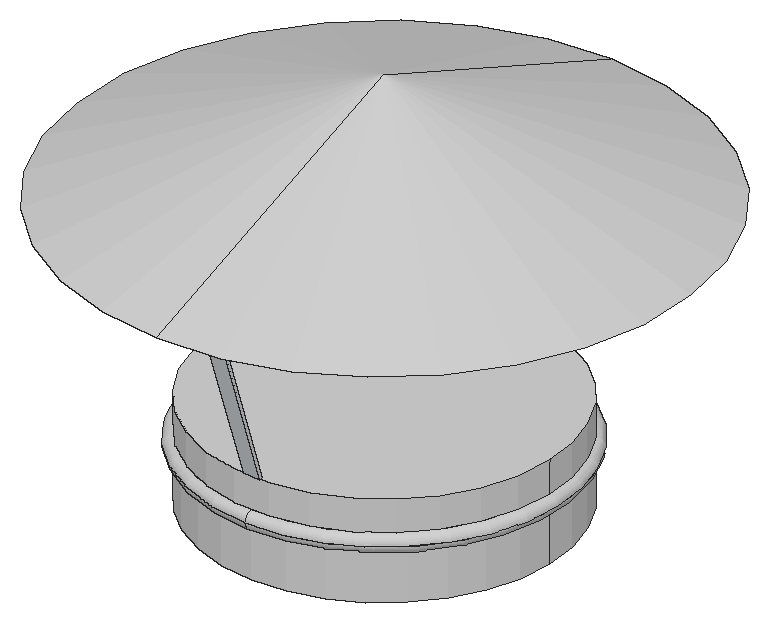
Revit family "НЕВАТОМ_Зонт крышный_20220407", category Воздухораспределители, Revit 2017
Family settings
  Размер круглого соединителя = Использовать диаметр
  Тип детали = Нормальный
  На основе рабочей плоскости = Нет
  Всегда вертикально = Нет
  При загрузке вырезать с полостями = Нет
  Общий = Нет
  Точка расчета площади = Нет
Parameters (values of type "250")
  матерал корпуса = Материал корпуса
  Расход [instance] = 0.0 L/s
  k = Dk - (Dk - D) / 2  # 340 mm
  Nevatom_URL = "https://t.me/NEVATOM_Bim_bot"
  Hк = H / 3  # 84 mm
  H = 252 mm
  Dk = 430 mm
  D*/2 = D / 40  # 6.25 mm
  D* = D / 20  # 12.5 mm
  D = 250 mm
  ADSK_Расход воздуха = 0.0 L/s
  ADSK_Размер_Ширина = Dk  # 430 mm
  ADSK_Размер_Длина = Dk  # 430 mm
  ADSK_Размер_Высота = H  # 252 mm
  ADSK_Примечание = ""
  ADSK_Потеря давления воздуха = 0.0 Pa
  ADSK_Позиция = ""
  ADSK_Наименование = "ЗОНТ КРЫШНЫЙ"
  ADSK_Материал наименование = "Оцинкованная сталь"  # constant formula
  ADSK_Масса_Текст = "кг"
  ADSK_Масса = 0
  ADSK_Марка = "250"
  ADSK_Код изделия = ""
  ADSK_Завод-изготовитель = "NEVATOM"
  ADSK_Единица измерения = "шт"
  A = 35 mm
Types (19, lengths in mm): name | матерал корпуса | k | Hк | H | Dk | D*/2 | D* | D | ADSK_Размер_Ширина | ADSK_Размер_Длина | ADSK_Размер_Высота | ADSK_Марка | A
  (no name) | Материал корпуса | 340 | 84 | 252 | 430 | 6.25 | 12.5 | 250 | 430 | 430 | 252 | "250" | 35
  100 | Материал корпуса | 135 | 43.333 | 130 | 170 | 2.5 | 5 | 100 | 170 | 170 | 130 | "100" | 35
  125 | none | 170 | 51.667 | 155 | 215 | 3.125 | 6.25 | 125 | 215 | 215 | 155 | "125" | 35
  160 | none | 217.5 | 60 | 180 | 275 | 4 | 8 | 160 | 275 | 275 | 180 | "160" | 35
  180 | none | 240 | 61.667 | 185 | 300 | 4.5 | 9 | 180 | 300 | 300 | 185 | "180" | 35
  200 | none | 270 | 71.667 | 215 | 340 | 5 | 10 | 200 | 340 | 340 | 215 | "200" | 35
  225 | none | 303.5 | 78.333 | 235 | 382 | 5.625 | 11.25 | 225 | 382 | 382 | 235 | "225" | 35
  250 | Материал корпуса | 340 | 84 | 252 | 430 | 6.25 | 12.5 | 250 | 430 | 430 | 252 | "250" | 35
  315 | none | 427.5 | 98.333 | 295 | 540 | 7.875 | 15.75 | 315 | 540 | 540 | 295 | "315" | 35
  355 | none | 492.5 | 115.727 | 347.181 | 630 | 8.875 | 17.75 | 355 | 630 | 630 | 347.181 | "355" | 55
  400 | none | 550 | 125 | 375 | 700 | 10 | 20 | 400 | 700 | 700 | 375 | "400" | 55
  450 | none | 610 | 136.667 | 410 | 770 | 11.25 | 22.5 | 450 | 770 | 770 | 410 | "450" | 55
  500 | none | 700 | 165 | 495 | 900 | 12.5 | 25 | 500 | 900 | 900 | 495 | "500" | 55
  560 | none | 755 | 172.333 | 517 | 950 | 14 | 28 | 560 | 950 | 950 | 517 | "560" | 55
  630 | none | 880 | 179.333 | 538 | 1130 | 15.75 | 31.5 | 630 | 1130 | 1130 | 538 | "630" | 55
  710 | none | 1005 | 200 | 600 | 1300 | 17.75 | 35.5 | 710 | 1300 | 1300 | 600 | "710" | 55
  800 | none | 1125 | 222.333 | 667 | 1450 | 20 | 40 | 800 | 1450 | 1450 | 667 | "800" | 55
  1000 | none | 1400 | 314 | 942 | 1800 | 25 | 50 | 1000 | 1800 | 1800 | 942 | "1000" | 100
  1250 | Материал корпуса | 1675 | 366.667 | 1100 | 2100 | 31.25 | 62.5 | 1250 | 2100 | 2100 | 1100 | "1250" | 100
Reference planes
  plane 1 "По центру (Вперед/Назад)": y = 0
  plane 2: z = 0
  plane 3 "По центру (Влево/Вправо)": x = 0
  plane 4: z = 35
  plane 5: z = 70
  plane 6: z = 203
  plane 7: z = 287
  plane 8: z = 41.25
  plane 9: y = 125
  plane 10: y = -125
  plane 11: y = -215
  plane 12: y = 215
  plane 13: y = -125
  plane 14: y = 125
  plane 15: x = -125
  plane 16: x = 125
  plane 17: x = -170
  plane 18: x = 170
Forms (mm)
  Extrusion 1, solid, material "Материал корпуса" <- "матерал корпуса"
    sketch origin (0, 0, 0) x (1, 0, 0) y (0, 1, 0)
      loop
        circle (0, 0) r 125
    from 0 to 70
  Revolve 2, solid, material "Материал корпуса" <- "матерал корпуса"
    sketch origin (0, 0, 0) x (0, 1, 0) y (0, 0, 1)
      loop
        circle (125, 41.25) r 6.25
      axis (0, 41.25) -> (0, 42.25)
    angle from 0 to 360
  Revolve 3, solid, material "Материал корпуса" <- "матерал корпуса"
    sketch origin (0, 0, 0) x (0, 1, 0) y (0, 0, 1)
      loop
        line (-215, 203) -> (0, 203) -> (0, 287) -> (-215, 203)
      axis (0, 203) -> (0, 287)
    angle from 0 to 360
  Sweep 4, solid
    path origin (0, 0, 0) x (0, 1, 0) y (0, 0, 1)
      loop
        line (-170, 203) -> (-125, 70)
    profile origin (0, -147.5, 136.5) x (0, 0.947249, 0.320498) y (1, 0, 0)
      loop
        line (1.877, -6.25) -> (1.877, 6.25) -> (0, 6.25) -> (0, -6.25) -> (1.877, -6.25)
  Sweep 5, solid
    path origin (0, 0, 0) x (0, 1, 0) y (0, 0, 1)
      loop
        line (125, 70) -> (170, 203)
    profile origin (0, 147.5, 136.5) x (0, -0.947249, 0.320498) y (1, 0, 0)
      loop
        line (0, -6.25) -> (1.864, -6.25) -> (1.864, 6.25) -> (0, 6.25) -> (0, -6.25)
  Sweep 6, solid
    path origin (0, 0, 0) x (1, 0, 0) y (0, 0, 1)
      loop
        line (-170, 203) -> (-125, 70)
    profile origin (-147.5, 0, 136.5) x (0.947249, 0, 0.320498) y (0, -1, 0)
      loop
        line (1.925, -6.25) -> (1.925, 6.25) -> (0, 6.25) -> (0, -6.25) -> (1.925, -6.25)
Cuts and joins
  joined: Extrusion 1, Revolve 2
Lines and regions (mm)
  reference lines
    curve 1: line (0, 170, 440.259) -> (0, 170, -109.741)
    curve 2: line (0, -170, 440.259) -> (0, -170, -94.741)
Dimensions and locks
  "A": plane 4 to level
  "H": plane 7 to plane 4
  equal spacing: plane 5, plane 4, level
  "D*/2": plane 8 to plane 4
  equal spacing: plane 10, plane 1 "По центру (Вперед/Назад)", plane 9
  "D": plane 10 to plane 9
  "Hк": plane 7 to plane 6
  equal spacing: plane 11, plane 1 "По центру (Вперед/Назад)", plane 12
  "Dk": plane 11 to plane 12
  equal spacing: curve 2, plane 1 "По центру (Вперед/Назад)", curve 1
  "k": curve 2 to curve 1
  equal spacing: plane 13, plane 1 "По центру (Вперед/Назад)", plane 14
  "D": plane 13 to plane 14
  locked: Sweep 4 sketch curve to Sweep 4 sketch curve at 1.877
  equal spacing: Sweep 4 sketch curve, profile plane, Sweep 4 sketch curve
  "D*": Sweep 4 sketch curve to Sweep 4 sketch curve
  equal spacing: Sweep 5 sketch curve, profile plane, Sweep 5 sketch curve
  "D*": Sweep 5 sketch curve to Sweep 5 sketch curve
  locked: Sweep 5 sketch curve to Sweep 5 sketch curve at 1.864
  equal spacing: plane 18, plane 3 "По центру (Влево/Вправо)", plane 17
  "k": plane 18 to plane 17
  equal spacing: plane 16, plane 3 "По центру (Влево/Вправо)", plane 15
  "D": plane 16 to plane 15
  locked: Sweep 6 sketch curve to Sweep 6 sketch curve at 1.925
  equal spacing: Sweep 6 sketch curve, plane 1 "По центру (Вперед/Назад)", Sweep 6 sketch curve
  "D*": Sweep 6 sketch curve to Sweep 6 sketch curve
  "D": diameter of Extrusion 1 sketch curve
  "D*": diameter of Revolve 2 sketch curve
  aligned and locked: level to plane 2
  aligned and locked: plane 5 to Extrusion 1
  aligned and locked: Extrusion 1 to level
  aligned and locked: Revolve 2 sketch curve to plane 1 "По центру (Вперед/Назад)"
  aligned and locked: Revolve 3 sketch curve to plane 6
  aligned and locked: Revolve 3 sketch curve to plane 1 "По центру (Вперед/Назад)"  (x2)
  aligned and locked: plane 7 to Revolve 3 sketch curve
  aligned and locked: plane 11 to Revolve 3 sketch curve
  aligned and locked: plane 5 to Sweep 4 sketch curve
  aligned and locked: plane 13 to Sweep 4 sketch curve
  aligned and locked: plane 6 to Sweep 4 sketch curve
  aligned and locked: curve 2 to Sweep 4 sketch curve
  aligned and locked: plane 6 to Sweep 5 sketch curve
  aligned and locked: curve 1 to Sweep 5 sketch curve
  aligned and locked: plane 5 to Sweep 5 sketch curve
  aligned and locked: plane 14 to Sweep 5 sketch curve
  aligned and locked: plane 6 to Sweep 6 sketch curve
  aligned and locked: plane 5 to Sweep 6 sketch curve
  aligned and locked: plane 15 to Sweep 6 sketch curve
  aligned and locked: plane 17 to Sweep 6 sketch curve
  aligned and locked: nested 1 to cut or joined group of Extrusion 1, Revolve 2
Automatic sketch dimensions
  plane 1 "По центру (Вперед/Назад)" to Extrusion 1 sketch curve = 0 mm
  Extrusion 1 sketch curve to plane 3 "По центру (Влево/Вправо)" = 0 mm
  Revolve 2 sketch curve to plane 8 = 0 mm
  Revolve 2 sketch curve to plane 9 = 0 mm
  Revolve 2 sketch curve to level = 115.333 mm
  plane 7 to Revolve 2 sketch curve = 859.654 mm
  curve 1 to level = 109.741 mm
  curve 2 to level = 94.741 mm
  plane 7 to curve 2 = 153.259 mm
  curve 2 to curve 1 = 0 mm
  Revolve 3 sketch curve to level = 115.333 mm
  Revolve 3 sketch curve to Revolve 3 sketch curve = 1041.835 mm
  Sweep 4 sketch curve to profile plane = 0 mm
  Sweep 5 sketch curve to profile plane = 0 mm
  Sweep 6 sketch curve to profile plane = 0 mm
Nested families
  nested 1: "НЕВАТОМ_QR-D_1" at (0.037, -0.196, -1), type "100", not visible
Connectors
  hvac at (0, 0, 0), driven by "D", driven by "Расход"
    settings: on cut or joined group of Extrusion 1, Revolve 2, index 1, duct flow 0.0 L/s, flow factor 0, pres drop 0.0 Pa, loss coef 0, conn angle 0.00°, conn width 304.8 mm, conn height 304.8 mm, conn diameter 250 mm, duct sys type 29, conn prof type 0, flow config 1, flow direction 0, loss method 0, conn ref index -1, conn util no, is conn primary yes, conn desc ""
Definition of nested family "НЕВАТОМ_QR-D_1"
  Parameters (values of type "60")
    Nevatom_Logo_Perspective = none
    L = 1 mm
    D = 60 mm
  Types (7, lengths in mm): name | D
    (no name) | 60
    6,3 | 6.3
    10 | 10
    20 | 20
    40 | 40
    60 | 60
    100 | 100
  Reference planes
    plane 1 "По центру (Вперед/Назад)": y = 0
    plane 2: z = 0
    plane 3 "По центру (Влево/Вправо)": x = 0
  Forms (mm)
    Extrusion 1, solid, material <- "Nevatom_Logo_Perspective"
      sketch origin (0, 0, 0) x (1, 0, 0) y (0, 1, 0)
        loop
          circle (0, 0) r 30
      from 0 to 1 <- "L"
  Dimensions and locks
    "D": diameter of Extrusion 1 sketch curve
    aligned and locked: level to plane 2
  Automatic sketch dimensions
    plane 1 "По центру (Вперед/Назад)" to Extrusion 1 sketch curve = 0 mm
    Extrusion 1 sketch curve to plane 3 "По центру (Влево/Вправо)" = 0 mm
